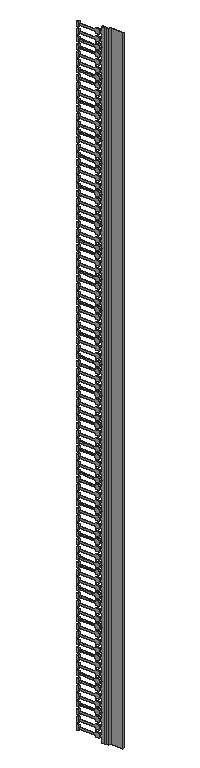
Revit family "ITK by ZPAS_Гребенка кабельная вертикальная_47U", category Обобщенные модели, Revit 2019
Family settings
  Может служить основой для арматурных стержней = Нет
  Размер круглого соединителя = Использовать диаметр
  Тип детали = Нормальный
  На основе рабочей плоскости = Нет
  Всегда вертикально = Да
  При загрузке вырезать с полостями = Нет
  Общий = Нет
  Точка расчета площади = Нет
Parameters (values of type "В2066,9_Черный")
  Ширина = 140 mm  # constant formula
  Степень защиты = ""
  Материал = Окраска - RAL 9005
  Изготовитель = "ITK"  # constant formula
  Дата изменения = ""
  Глубина = 12 mm  # constant formula
  Высота = 2066.9 mm  # constant formula
  Тип монтажа = "Установка на захваты"  # constant formula
  URL = "https://www.iek.ru/"
  KSI_CPr_Строительные изделия = "61.1.04.08"  # constant formula
  KSI_CMa_Строительные материалы = "10.03.02.06"  # constant formula
  IEK_Цена за единицу = 11181.4
  IEK_Поиск в таблице имен = ""
  IEK_Описание = "Крепится без инструментов к 19-дюймовым монтажным профилям."
  IEK_URL = "https://www.itk-group.ru/produktsiya/catalog/oborudovanie_telekommunikatsionnoe/kompleksnye_resheniya_dlya_tsod/shkafy_i_aksessuary_dlya_tsod/komplektuyushchie_i_aksessuary_dlya_shkafov_itk_by_zpas/kabelnye_organizatory_itk_by_zpas/itk_by_zpas_grebenka_kabelnaya_vertikalnaya_47u_chernaya"
  ADSK_Примечание = ""
  ADSK_Позиция [instance] = ""
  ADSK_Наименование = "by ZPAS "  # constant formula
  ADSK_Материал обозначение = ""
  ADSK_Материал наименование = "Листовая сталь"  # constant formula
  ADSK_Масса = 7
  ADSK_Марка = ""
  ADSK_Код изделия = "ZP-CM05-47U-V"
  ADSK_Завод-изготовитель = "IEK"  # constant formula
  ADSK_Единица измерения = "шт"  # constant formula
  ADSK_Группирование = "I. ЩИТЫ И ПУЛЬТЫ"  # constant formula
  ADSK_Версия семейства = "1.0"  # constant formula
  ADSK_Версия Revit = "2019"  # constant formula
  ADSK_URL страницы изделия = "https://www.itk-group.ru/produktsiya/catalog/oborudovanie_telekommunikatsionnoe/kompleksnye_resheniya_dlya_tsod/shkafy_i_aksessuary_dlya_tsod/komplektuyushchie_i_aksessuary_dlya_shkafov_itk_by_zpas/kabelnye_organizatory_itk_by_zpas/?pagec=50"
Types (2, lengths in mm): name | Материал | IEK_URL | ADSK_Код изделия
  В2066,9_Черный | Окраска - RAL 9005 | "https://www.itk-group.ru/produktsiya/catalog/oborudovanie_telekommunikatsionnoe/kompleksnye_resheniya_dlya_tsod/shkafy_i_aksessuary_dlya_tsod/komplektuyushchie_i_aksessuary_dlya_shkafov_itk_by_zpas/kabelnye_organizatory_itk_by_zpas/itk_by_zpas_grebenka_kabelnaya_vertikalnaya_47u_chernaya" | "ZP-CM05-47U-V"
  В2066,9_Серый | Окраска - RAL 7035 | "https://www.itk-group.ru/produktsiya/catalog/oborudovanie_telekommunikatsionnoe/kompleksnye_resheniya_dlya_tsod/shkafy_i_aksessuary_dlya_tsod/komplektuyushchie_i_aksessuary_dlya_shkafov_itk_by_zpas/kabelnye_organizatory_itk_by_zpas/itk_by_zpas_grebenka_kabelnaya_vertikalnaya_47u_seraya" | "ZP-CM35-47U-V"
Reference planes
  plane 1 "По центру (Вперед/Назад)": y = 0
  plane 2: z = 0
  plane 3 "По центру (Влево/Вправо)": x = 0
  plane 4: y = 6
  plane 5: y = -6
  plane 6: x = -70
  plane 7: x = 70
  plane 8: z = 2066.9
  plane 9: z = 10
  plane 10: x = 21.015
Forms (mm)
  Extrusion 1, solid, material "Окраска - RAL 9005" <- "Материал", detail levels fine
    sketch origin (0, 0, 0) x (1, 0, 0) y (0, 1, 0)
      loop
        line (70, 6) -> (30, 6) -> (30, -2.022) -> (10, -2.022) -> (10, -3.968) -> (32.03, -3.968) -> (32.03, 4) -> (70, 4) -> (70, 6)
    from 0 to 2066.9 <- "Высота"
  Extrusion 2, solid, material "Окраска - RAL 9005" <- "Материал", detail levels fine
    sketch origin (-390, 0, 0) x (1, 0, 0) y (0, 0, 1)
      loop
        line (376.463, 2051.9) -> (326.463, 2051.9) -> (326.463, 2056.9) -> (320, 2056.9) -> (320, 2041.9) -> (326.463, 2041.9) -> (326.463, 2046.9) -> (376.463, 2046.9) -> (380, 2041.9) -> (390, 2041.9) -> (393.537, 2046.9) -> (400, 2046.9) -> (400, 2029.571) -> (393.537, 2029.571) -> (390, 2034.571) -> (380, 2034.571) -> (376.463, 2029.571) -> (326.463, 2029.571) -> (326.463, 2034.571) -> (320, 2034.571) -> (320, 2019.571) -> (326.463, 2019.571) -> (326.463, 2024.571) -> (376.463, 2024.571) -> (380, 2019.571) -> (390, 2019.571) -> (393.537, 2024.571) -> (400, 2024.571) -> (400, 2007.243) -> (393.537, 2007.243) -> (390, 2012.243) -> (380, 2012.243) -> (376.463, 2007.243) -> (326.463, 2007.243) -> (326.463, 2012.243) -> (320, 2012.243) -> (320, 1997.243) -> (326.463, 1997.243) -> (326.463, 2002.243) -> (376.463, 2002.243) -> (380, 1997.243) -> (390, 1997.243) -> (393.537, 2002.243) -> (400, 2002.243) -> (400, 1984.914) -> (393.537, 1984.914) -> (390, 1989.914) -> (380, 1989.914) -> (376.463, 1984.914) -> (326.463, 1984.914) -> (326.463, 1989.914) -> (320, 1989.914) -> (320, 1974.914) -> (326.463, 1974.914) -> (326.463, 1979.914) -> (376.463, 1979.914) -> (380, 1974.914) -> (390, 1974.914) -> (393.537, 1979.914) -> (400, 1979.914) -> (400, 1962.586) -> (393.537, 1962.586) -> (390, 1967.586) -> (380, 1967.586) -> (376.463, 1962.586) -> (326.463, 1962.586) -> (326.463, 1967.586) -> (320, 1967.586) -> (320, 1952.586) -> (326.463, 1952.586) -> (326.463, 1957.586) -> (376.463, 1957.586) -> (380, 1952.586) -> (390, 1952.586) -> (393.537, 1957.586) -> (400, 1957.586) -> (400, 1940.257) -> (393.537, 1940.257) -> (390, 1945.257) -> (380, 1945.257) -> (376.463, 1940.257) -> (326.463, 1940.257) -> (326.463, 1945.257) -> (320, 1945.257) -> (320, 1930.257) -> (326.463, 1930.257) -> (326.463, 1935.257) -> (376.463, 1935.257) -> (380, 1930.257) -> (390, 1930.257) -> (393.537, 1935.257) -> (400, 1935.257) -> (400, 1917.929) -> (393.537, 1917.929) -> (390, 1922.929) -> (380, 1922.929) -> (376.463, 1917.929) -> (326.463, 1917.929) -> (326.463, 1922.929) -> (320, 1922.929) -> (320, 1907.929) -> (326.463, 1907.929) -> (326.463, 1912.929) -> (376.463, 1912.929) -> (380, 1907.929) -> (390, 1907.929) -> (393.537, 1912.929) -> (400, 1912.929) -> (400, 1895.6) -> (393.537, 1895.6) -> (390, 1900.6) -> (380, 1900.6) -> (376.463, 1895.6) -> (326.463, 1895.6) -> (326.463, 1900.6) -> (320, 1900.6) -> (320, 1885.6) -> (326.463, 1885.6) -> (326.463, 1890.6) -> (376.463, 1890.6) -> (380, 1885.6) -> (390, 1885.6) -> (393.537, 1890.6) -> (400, 1890.6) -> (400, 1873.271) -> (393.537, 1873.271) -> (390, 1878.271) -> (380, 1878.271) -> (376.463, 1873.271) -> (326.463, 1873.271) -> (326.463, 1878.271) -> (320, 1878.271) -> (320, 1863.271) -> (326.463, 1863.271) -> (326.463, 1868.271) -> (376.463, 1868.271) -> (380, 1863.271) -> (390, 1863.271) -> (393.537, 1868.271) -> (400, 1868.271) -> (400, 1850.943) -> (393.537, 1850.943) -> (390, 1855.943) -> (380, 1855.943) -> (376.463, 1850.943) -> (326.463, 1850.943) -> (326.463, 1855.943) -> (320, 1855.943) -> (320, 1840.943) -> (326.463, 1840.943) -> (326.463, 1845.943) -> (376.463, 1845.943) -> (380, 1840.943) -> (390, 1840.943) -> (393.537, 1845.943) -> (400, 1845.943) -> (400, 1828.614) -> (393.537, 1828.614) -> (390, 1833.614) -> (380, 1833.614) -> (376.463, 1828.614) -> (326.463, 1828.614) -> (326.463, 1833.614) -> (320, 1833.614) -> (320, 1818.614) -> (326.463, 1818.614) -> (326.463, 1823.614) -> (376.463, 1823.614) -> (380, 1818.614) -> (390, 1818.614) -> (393.537, 1823.614) -> (400, 1823.614) -> (400, 1806.286) -> (393.537, 1806.286) -> (390, 1811.286) -> (380, 1811.286) -> (376.463, 1806.286) -> (326.463, 1806.286) -> (326.463, 1811.286) -> (320, 1811.286) -> (320, 1796.286) -> (326.463, 1796.286) -> (326.463, 1801.286) -> (376.463, 1801.286) -> (380, 1796.286) -> (390, 1796.286) -> (393.537, 1801.286) -> (400, 1801.286) -> (400, 1783.957) -> (393.537, 1783.957) -> (390, 1788.957) -> (380, 1788.957) -> (376.463, 1783.957) -> (326.463, 1783.957) -> (326.463, 1788.957) -> (320, 1788.957) -> (320, 1773.957) -> (326.463, 1773.957) -> (326.463, 1778.957) -> (376.463, 1778.957) -> (380, 1773.957) -> (390, 1773.957) -> (393.537, 1778.957) -> (400, 1778.957) -> (400, 1761.629) -> (393.537, 1761.629) -> (390, 1766.629) -> (380, 1766.629) -> (376.463, 1761.629) -> (326.463, 1761.629) -> (326.463, 1766.629) -> (320, 1766.629) -> (320, 1751.629) -> (326.463, 1751.629) -> (326.463, 1756.629) -> (376.463, 1756.629) -> (380, 1751.629) -> (390, 1751.629) -> (393.537, 1756.629) -> (400, 1756.629) -> (400, 1739.3) -> (393.537, 1739.3) -> (390, 1744.3) -> (380, 1744.3) -> (376.463, 1739.3) -> (326.463, 1739.3) -> (326.463, 1744.3) -> (320, 1744.3) -> (320, 1729.3) -> (326.463, 1729.3) -> (326.463, 1734.3) -> (376.463, 1734.3) -> (380, 1729.3) -> (390, 1729.3) -> (393.537, 1734.3) -> (400, 1734.3) -> (400, 1716.971) -> (393.537, 1716.971) -> (390, 1721.971) -> (380, 1721.971) -> (376.463, 1716.971) -> (326.463, 1716.971) -> (326.463, 1721.971) -> (320, 1721.971) -> (320, 1706.971) -> (326.463, 1706.971) -> (326.463, 1711.971) -> (376.463, 1711.971) -> (380, 1706.971) -> (390, 1706.971) -> (393.537, 1711.971) -> (400, 1711.971) -> (400, 1694.643) -> (393.537, 1694.643) -> (390, 1699.643) -> (380, 1699.643) -> (376.463, 1694.643) -> (326.463, 1694.643) -> (326.463, 1699.643) -> (320, 1699.643) -> (320, 1684.643) -> (326.463, 1684.643) -> (326.463, 1689.643) -> (376.463, 1689.643) -> (380, 1684.643) -> (390, 1684.643) -> (393.537, 1689.643) -> (400, 1689.643) -> (400, 1672.314) -> (393.537, 1672.314) -> (390, 1677.314) -> (380, 1677.314) -> (376.463, 1672.314) -> (326.463, 1672.314) -> (326.463, 1677.314) -> (320, 1677.314) -> (320, 1662.314) -> (326.463, 1662.314) -> (326.463, 1667.314) -> (376.463, 1667.314) -> (380, 1662.314) -> (390, 1662.314) -> (393.537, 1667.314) -> (400, 1667.314) -> (400, 1649.986) -> (393.537, 1649.986) -> (390, 1654.986) -> (380, 1654.986) -> (376.463, 1649.986) -> (326.463, 1649.986) -> (326.463, 1654.986) -> (320, 1654.986) -> (320, 1639.986) -> (326.463, 1639.986) -> (326.463, 1644.986) -> (376.463, 1644.986) -> (380, 1639.986) -> (390, 1639.986) -> (393.537, 1644.986) -> (400, 1644.986) -> (400, 1627.657) -> (393.537, 1627.657) -> (390, 1632.657) -> (380, 1632.657) -> (376.463, 1627.657) -> (326.463, 1627.657) -> (326.463, 1632.657) -> (320, 1632.657) -> (320, 1617.657) -> (326.463, 1617.657) -> (326.463, 1622.657) -> (376.463, 1622.657) -> (380, 1617.657) -> (390, 1617.657) -> (393.537, 1622.657) -> (400, 1622.657) -> (400, 1605.329) -> (393.537, 1605.329) -> (390, 1610.329) -> (380, 1610.329) -> (376.463, 1605.329) -> (326.463, 1605.329) -> (326.463, 1610.329) -> (320, 1610.329) -> (320, 1595.329) -> (326.463, 1595.329) -> (326.463, 1600.329) -> (376.463, 1600.329) -> (380, 1595.329) -> (390, 1595.329) -> (393.537, 1600.329) -> (400, 1600.329) -> (400, 1583) -> (393.537, 1583) -> (390, 1588) -> (380, 1588) -> (376.463, 1583) -> (326.463, 1583) -> (326.463, 1588) -> (320, 1588) -> (320, 1573) -> (326.463, 1573) -> (326.463, 1578) -> (376.463, 1578) -> (380, 1573) -> (390, 1573) -> (393.537, 1578) -> (400, 1578) -> (400, 1560.671) -> (393.537, 1560.671) -> (390, 1565.671) -> (380, 1565.671) -> (376.463, 1560.671) -> (326.463, 1560.671) -> (326.463, 1565.671) -> (320, 1565.671) -> (320, 1550.671) -> (326.463, 1550.671) -> (326.463, 1555.671) -> (376.463, 1555.671) -> (380, 1550.671) -> (390, 1550.671) -> (393.537, 1555.671) -> (400, 1555.671) -> (400, 1538.343) -> (393.537, 1538.343) -> (390, 1543.343) -> (380, 1543.343) -> (376.463, 1538.343) -> (326.463, 1538.343) -> (326.463, 1543.343) -> (320, 1543.343) -> (320, 1528.343) -> (326.463, 1528.343) -> (326.463, 1533.343) -> (376.463, 1533.343) -> (380, 1528.343) -> (390, 1528.343) -> (393.537, 1533.343) -> (400, 1533.343) -> (400, 1516.014) -> (393.537, 1516.014) -> (390, 1521.014) -> (380, 1521.014) -> (376.463, 1516.014) -> (326.463, 1516.014) -> (326.463, 1521.014) -> (320, 1521.014) -> (320, 1506.014) -> (326.463, 1506.014) -> (326.463, 1511.014) -> (376.463, 1511.014) -> (380, 1506.014) -> (390, 1506.014) -> (393.537, 1511.014) -> (400, 1511.014) -> (400, 1493.686) -> (393.537, 1493.686) -> (390, 1498.686) -> (380, 1498.686) -> (376.463, 1493.686) -> (326.463, 1493.686) -> (326.463, 1498.686) -> (320, 1498.686) -> (320, 1483.686) -> (326.463, 1483.686) -> (326.463, 1488.686) -> (376.463, 1488.686) -> (380, 1483.686) -> (390, 1483.686) -> (393.537, 1488.686) -> (400, 1488.686) -> (400, 1471.357) -> (393.537, 1471.357) -> (390, 1476.357) -> (380, 1476.357) -> (376.463, 1471.357) -> (326.463, 1471.357) -> (326.463, 1476.357) -> (320, 1476.357) -> (320, 1461.357) -> (326.463, 1461.357) -> (326.463, 1466.357) -> (376.463, 1466.357) -> (380, 1461.357) -> (390, 1461.357) -> (393.537, 1466.357) -> (400, 1466.357) -> (400, 1449.029) -> (393.537, 1449.029) -> (390, 1454.029) -> (380, 1454.029) -> (376.463, 1449.029) -> (326.463, 1449.029) -> (326.463, 1454.029) -> (320, 1454.029) -> (320, 1439.029) -> (326.463, 1439.029) -> (326.463, 1444.029) -> (376.463, 1444.029) -> (380, 1439.029) -> (390, 1439.029) -> (393.537, 1444.029) -> (400, 1444.029) -> (400, 1426.7) -> (393.537, 1426.7) -> (390, 1431.7) -> (380, 1431.7) -> (376.463, 1426.7) -> (326.463, 1426.7) -> (326.463, 1431.7) -> (320, 1431.7) -> (320, 1416.7) -> (326.463, 1416.7) -> (326.463, 1421.7) -> (376.463, 1421.7) -> (380, 1416.7) -> (390, 1416.7) -> (393.537, 1421.7) -> (400, 1421.7) -> (400, 1404.371) -> (393.537, 1404.371) -> (390, 1409.371) -> (380, 1409.371) -> (376.463, 1404.371) -> (326.463, 1404.371) -> (326.463, 1409.371) -> (320, 1409.371) -> (320, 1394.371) -> (326.463, 1394.371) -> (326.463, 1399.371) -> (376.463, 1399.371) -> (380, 1394.371) -> (390, 1394.371) -> (393.537, 1399.371) -> (400, 1399.371) -> (400, 1382.043) -> (393.537, 1382.043) -> (390, 1387.043) -> (380, 1387.043) -> (376.463, 1382.043) -> (326.463, 1382.043) -> (326.463, 1387.043) -> (320, 1387.043) -> (320, 1372.043) -> (326.463, 1372.043) -> (326.463, 1377.043) -> (376.463, 1377.043) -> (380, 1372.043) -> (390, 1372.043) -> (393.537, 1377.043) -> (400, 1377.043) -> (400, 1359.714) -> (393.537, 1359.714) -> (390, 1364.714) -> (380, 1364.714) -> (376.463, 1359.714) -> (326.463, 1359.714) -> (326.463, 1364.714) -> (320, 1364.714) -> (320, 1349.714) -> (326.463, 1349.714) -> (326.463, 1354.714) -> (376.463, 1354.714) -> (380, 1349.714) -> (390, 1349.714) -> (393.537, 1354.714) -> (400, 1354.714) -> (400, 1337.386) -> (393.537, 1337.386) -> (390, 1342.386) -> (380, 1342.386) -> (376.463, 1337.386) -> (326.463, 1337.386) -> (326.463, 1342.386) -> (320, 1342.386) -> (320, 1327.386) -> (326.463, 1327.386) -> (326.463, 1332.386) -> (376.463, 1332.386) -> (380, 1327.386) -> (390, 1327.386) -> (393.537, 1332.386) -> (400, 1332.386) -> (400, 1315.057) -> (393.537, 1315.057) -> (390, 1320.057) -> (380, 1320.057) -> (376.463, 1315.057) -> (326.463, 1315.057) -> (326.463, 1320.057) -> (320, 1320.057) -> (320, 1305.057) -> (326.463, 1305.057) -> (326.463, 1310.057) -> (376.463, 1310.057) -> (380, 1305.057) -> (390, 1305.057) -> (393.537, 1310.057) -> (400, 1310.057) -> (400, 1292.729) -> (393.537, 1292.729) -> (390, 1297.729) -> (380, 1297.729) -> (376.463, 1292.729) -> (326.463, 1292.729) -> (326.463, 1297.729) -> (320, 1297.729) -> (320, 1282.729) -> (326.463, 1282.729) -> (326.463, 1287.729) -> (376.463, 1287.729) -> (380, 1282.729) -> (390, 1282.729) -> (393.537, 1287.729) -> (400, 1287.729) -> (400, 1270.4) -> (393.537, 1270.4) -> (390, 1275.4) -> (380, 1275.4) -> (376.463, 1270.4) -> (326.463, 1270.4) -> (326.463, 1275.4) -> (320, 1275.4) -> (320, 1260.4) -> (326.463, 1260.4) -> (326.463, 1265.4) -> (376.463, 1265.4) -> (380, 1260.4) -> (390, 1260.4) -> (393.537, 1265.4) -> (400, 1265.4) -> (400, 1248.071) -> (393.537, 1248.071) -> (390, 1253.071) -> (380, 1253.071) -> (376.463, 1248.071) -> (326.463, 1248.071) -> (326.463, 1253.071) -> (320, 1253.071) -> (320, 1238.071) -> (326.463, 1238.071) -> (326.463, 1243.071) -> (376.463, 1243.071) -> (380, 1238.071) -> (390, 1238.071) -> (393.537, 1243.071) -> (400, 1243.071) -> (400, 1225.743) -> (393.537, 1225.743) -> (390, 1230.743) -> (380, 1230.743) -> (376.463, 1225.743) -> (326.463, 1225.743) -> (326.463, 1230.743) -> (320, 1230.743) -> (320, 1215.743) -> (326.463, 1215.743) -> (326.463, 1220.743) -> (376.463, 1220.743) -> (380, 1215.743) -> (390, 1215.743) -> (393.537, 1220.743) -> (400, 1220.743) -> (400, 1203.414) -> (393.537, 1203.414) -> (390, 1208.414) -> (380, 1208.414) -> (376.463, 1203.414) -> (326.463, 1203.414) -> (326.463, 1208.414) -> (320, 1208.414) -> (320, 1193.414) -> (326.463, 1193.414) -> (326.463, 1198.414) -> (376.463, 1198.414) -> (380, 1193.414) -> (390, 1193.414) -> (393.537, 1198.414) -> (400, 1198.414) -> (400, 1181.086) -> (393.537, 1181.086) -> (390, 1186.086) -> (380, 1186.086) -> (376.463, 1181.086) -> (326.463, 1181.086) -> (326.463, 1186.086) -> (320, 1186.086) -> (320, 1171.086) -> (326.463, 1171.086) -> (326.463, 1176.086) -> (376.463, 1176.086) -> (380, 1171.086) -> (390, 1171.086) -> (393.537, 1176.086) -> (400, 1176.086) -> (400, 1158.757) -> (393.537, 1158.757) -> (390, 1163.757) -> (380, 1163.757) -> (376.463, 1158.757) -> (326.463, 1158.757) -> (326.463, 1163.757) -> (320, 1163.757) -> (320, 1148.757) -> (326.463, 1148.757) -> (326.463, 1153.757) -> (376.463, 1153.757) -> (380, 1148.757) -> (390, 1148.757) -> (393.537, 1153.757) -> (400, 1153.757) -> (400, 1136.429) -> (393.537, 1136.429) -> (390, 1141.429) -> (380, 1141.429) -> (376.463, 1136.429) -> (326.463, 1136.429) -> (326.463, 1141.429) -> (320, 1141.429) -> (320, 1126.429) -> (326.463, 1126.429) -> (326.463, 1131.429) -> (376.463, 1131.429) -> (380, 1126.429) -> (390, 1126.429) -> (393.537, 1131.429) -> (400, 1131.429) -> (400, 1114.1) -> (393.537, 1114.1) -> (390, 1119.1) -> (380, 1119.1) -> (376.463, 1114.1) -> (326.463, 1114.1) -> (326.463, 1119.1) -> (320, 1119.1) -> (320, 1104.1) -> (326.463, 1104.1) -> (326.463, 1109.1) -> (376.463, 1109.1) -> (380, 1104.1) -> (390, 1104.1) -> (393.537, 1109.1) -> (400, 1109.1) -> (400, 1091.771) -> (393.537, 1091.771) -> (390, 1096.771) -> (380, 1096.771) -> (376.463, 1091.771) -> (326.463, 1091.771) -> (326.463, 1096.771) -> (320, 1096.771) -> (320, 1081.771) -> (326.463, 1081.771) -> (326.463, 1086.771) -> (376.463, 1086.771) -> (380, 1081.771) -> (390, 1081.771) -> (393.537, 1086.771) -> (400, 1086.771) -> (400, 1069.443) -> (393.537, 1069.443) -> (390, 1074.443) -> (380, 1074.443) -> (376.463, 1069.443) -> (326.463, 1069.443) -> (326.463, 1074.443) -> (320, 1074.443) -> (320, 1059.443) -> (326.463, 1059.443) -> (326.463, 1064.443) -> (376.463, 1064.443) -> (380, 1059.443) -> (390, 1059.443) -> (393.537, 1064.443) -> (400, 1064.443) -> (400, 1047.114) -> (393.537, 1047.114) -> (390, 1052.114) -> (380, 1052.114) -> (376.463, 1047.114) -> (326.463, 1047.114) -> (326.463, 1052.114) -> (320, 1052.114) -> (320, 1037.114) -> (326.463, 1037.114) -> (326.463, 1042.114) -> (376.463, 1042.114) -> (380, 1037.114) -> (390, 1037.114) -> (393.537, 1042.114) -> (400, 1042.114) -> (400, 1024.786) -> (393.537, 1024.786) -> (390, 1029.786) -> (380, 1029.786) -> (376.463, 1024.786) -> (326.463, 1024.786) -> (326.463, 1029.786) -> (320, 1029.786) -> (320, 1014.786) -> (326.463, 1014.786) -> (326.463, 1019.786) -> (376.463, 1019.786) -> (380, 1014.786) -> (390, 1014.786) -> (393.537, 1019.786) -> (400, 1019.786) -> (400, 1002.457) -> (393.537, 1002.457) -> (390, 1007.457) -> (380, 1007.457) -> (376.463, 1002.457) -> (326.463, 1002.457) -> (326.463, 1007.457) -> (320, 1007.457) -> (320, 992.457) -> (326.463, 992.457) -> (326.463, 997.457) -> (376.463, 997.457) -> (380, 992.457) -> (390, 992.457) -> (393.537, 997.457) -> (400, 997.457) -> (400, 980.129) -> (393.537, 980.129) -> (390, 985.129) -> (380, 985.129) -> (376.463, 980.129) -> (326.463, 980.129) -> (326.463, 985.129) -> (320, 985.129) -> (320, 970.129) -> (326.463, 970.129) -> (326.463, 975.129) -> (376.463, 975.129) -> (380, 970.129) -> (390, 970.129) -> (393.537, 975.129) -> (400, 975.129) -> (400, 957.8) -> (393.537, 957.8) -> (390, 962.8) -> (380, 962.8) -> (376.463, 957.8) -> (326.463, 957.8) -> (326.463, 962.8) -> (320, 962.8) -> (320, 947.8) -> (326.463, 947.8) -> (326.463, 952.8) -> (376.463, 952.8) -> (380, 947.8) -> (390, 947.8) -> (393.537, 952.8) -> (400, 952.8) -> (400, 935.471) -> (393.537, 935.471) -> (390, 940.471) -> (380, 940.471) -> (376.463, 935.471) -> (326.463, 935.471) -> (326.463, 940.471) -> (320, 940.471) -> (320, 925.471) -> (326.463, 925.471) -> (326.463, 930.471) -> (376.463, 930.471) -> (380, 925.471) -> (390, 925.471) -> (393.537, 930.471) -> (400, 930.471) -> (400, 913.143) -> (393.537, 913.143) -> (390, 918.143) -> (380, 918.143) -> (376.463, 913.143) -> (326.463, 913.143) -> (326.463, 918.143) -> (320, 918.143) -> (320, 903.143) -> (326.463, 903.143) -> (326.463, 908.143) -> (376.463, 908.143) -> (380, 903.143) -> (390, 903.143) -> (393.537, 908.143) -> (400, 908.143) -> (400, 890.814) -> (393.537, 890.814) -> (390, 895.814) -> (380, 895.814) -> (376.463, 890.814) -> (326.463, 890.814) -> (326.463, 895.814) -> (320, 895.814) -> (320, 880.814) -> (326.463, 880.814) -> (326.463, 885.814) -> (376.463, 885.814) -> (380, 880.814) -> (390, 880.814) -> (393.537, 885.814) -> (400, 885.814) -> (400, 868.486) -> (393.537, 868.486) -> (390, 873.486) -> (380, 873.486) -> (376.463, 868.486) -> (326.463, 868.486) -> (326.463, 873.486) -> (320, 873.486) -> (320, 858.486) -> (326.463, 858.486) -> (326.463, 863.486) -> (376.463, 863.486) -> (380, 858.486) -> (390, 858.486) -> (393.537, 863.486) -> (400, 863.486) -> (400, 846.157) -> (393.537, 846.157) -> (390, 851.157) -> (380, 851.157) -> (376.463, 846.157) -> (326.463, 846.157) -> (326.463, 851.157) -> (320, 851.157) -> (320, 836.157) -> (326.463, 836.157) -> (326.463, 841.157) -> (376.463, 841.157) -> (380, 836.157) -> (390, 836.157) -> (393.537, 841.157) -> (400, 841.157) -> (400, 823.829) -> (393.537, 823.829) -> (390, 828.829) -> (380, 828.829) -> (376.463, 823.829) -> (326.463, 823.829) -> (326.463, 828.829) -> (320, 828.829) -> (320, 813.829) -> (326.463, 813.829) -> (326.463, 818.829) -> (376.463, 818.829) -> (380, 813.829) -> (390, 813.829) -> (393.537, 818.829) -> (400, 818.829) -> (400, 801.5) -> (393.537, 801.5) -> (390, 806.5) -> (380, 806.5) -> (376.463, 801.5) -> (326.463, 801.5) -> (326.463, 806.5) -> (320, 806.5) -> (320, 791.5) -> (326.463, 791.5) -> (326.463, 796.5) -> (376.463, 796.5) -> (380, 791.5) -> (390, 791.5) -> (393.537, 796.5) -> (400, 796.5) -> (400, 779.171) -> (393.537, 779.171) -> (390, 784.171) -> (380, 784.171) -> (376.463, 779.171) -> (326.463, 779.171) -> (326.463, 784.171) -> (320, 784.171) -> (320, 769.171) -> (326.463, 769.171) -> (326.463, 774.171) -> (376.463, 774.171) -> (380, 769.171) -> (390, 769.171) -> (393.537, 774.171) -> (400, 774.171) -> (400, 756.843) -> (393.537, 756.843) -> (390, 761.843) -> (380, 761.843) -> (376.463, 756.843) -> (326.463, 756.843) -> (326.463, 761.843) -> (320, 761.843) -> (320, 746.843) -> (326.463, 746.843) -> (326.463, 751.843) -> (376.463, 751.843) -> (380, 746.843) -> (390, 746.843) -> (393.537, 751.843) -> (400, 751.843) -> (400, 734.514) -> (393.537, 734.514) -> (390, 739.514) -> (380, 739.514) -> (376.463, 734.514) -> (326.463, 734.514) -> (326.463, 739.514) -> (320, 739.514) -> (320, 724.514) -> (326.463, 724.514) -> (326.463, 729.514) -> (376.463, 729.514) -> (380, 724.514) -> (390, 724.514) -> (393.537, 729.514) -> (400, 729.514) -> (400, 712.186) -> (393.537, 712.186) -> (390, 717.186) -> (380, 717.186) -> (376.463, 712.186) -> (326.463, 712.186) -> (326.463, 717.186) -> (320, 717.186) -> (320, 702.186) -> (326.463, 702.186) -> (326.463, 707.186) -> (376.463, 707.186) -> (380, 702.186) -> (390, 702.186) -> (393.537, 707.186) -> (400, 707.186) -> (400, 689.857) -> (393.537, 689.857) -> (390, 694.857) -> (380, 694.857) -> (376.463, 689.857) -> (326.463, 689.857) -> (326.463, 694.857) -> (320, 694.857) -> (320, 679.857) -> (326.463, 679.857) -> (326.463, 684.857) -> (376.463, 684.857) -> (380, 679.857) -> (390, 679.857) -> (393.537, 684.857) -> (400, 684.857) -> (400, 667.529) -> (393.537, 667.529) -> (390, 672.529) -> (380, 672.529) -> (376.463, 667.529) -> (326.463, 667.529) -> (326.463, 672.529) -> (320, 672.529) -> (320, 657.529) -> (326.463, 657.529) -> (326.463, 662.529) -> (376.463, 662.529) -> (380, 657.529) -> (390, 657.529) -> (393.537, 662.529) -> (400, 662.529) -> (400, 645.2) -> (393.537, 645.2) -> (390, 650.2) -> (380, 650.2) -> (376.463, 645.2) -> (326.463, 645.2) -> (326.463, 650.2) -> (320, 650.2) -> (320, 635.2) -> (326.463, 635.2) -> (326.463, 640.2) -> (376.463, 640.2) -> (380, 635.2) -> (390, 635.2) -> (393.537, 640.2) -> (400, 640.2) -> (400, 622.871) -> (393.537, 622.871) -> (390, 627.871) -> (380, 627.871) -> (376.463, 622.871) -> (326.463, 622.871) -> (326.463, 627.871) -> (320, 627.871) -> (320, 612.871) -> (326.463, 612.871) -> (326.463, 617.871) -> (376.463, 617.871) -> (380, 612.871) -> (390, 612.871) -> (393.537, 617.871) -> (400, 617.871) -> (400, 600.543) -> (393.537, 600.543) -> (390, 605.543) -> (380, 605.543) -> (376.463, 600.543) -> (326.463, 600.543) -> (326.463, 605.543) -> (320, 605.543) -> (320, 590.543) -> (326.463, 590.543) -> (326.463, 595.543) -> (376.463, 595.543) -> (380, 590.543) -> (390, 590.543) -> (393.537, 595.543) -> (400, 595.543) -> (400, 578.214) -> (393.537, 578.214) -> (390, 583.214) -> (380, 583.214) -> (376.463, 578.214) -> (326.463, 578.214) -> (326.463, 583.214) -> (320, 583.214) -> (320, 568.214) -> (326.463, 568.214) -> (326.463, 573.214) -> (376.463, 573.214) -> (380, 568.214) -> (390, 568.214) -> (393.537, 573.214) -> (400, 573.214) -> (400, 555.886) -> (393.537, 555.886) -> (390, 560.886) -> (380, 560.886) -> (376.463, 555.886) -> (326.463, 555.886) -> (326.463, 560.886) -> (320, 560.886) -> (320, 545.886) -> (326.463, 545.886) -> (326.463, 550.886) -> (376.463, 550.886) -> (380, 545.886) -> (390, 545.886) -> (393.537, 550.886) -> (400, 550.886) -> (400, 533.557) -> (393.537, 533.557) -> (390, 538.557) -> (380, 538.557) -> (376.463, 533.557) -> (326.463, 533.557) -> (326.463, 538.557) -> (320, 538.557) -> (320, 523.557) -> (326.463, 523.557) -> (326.463, 528.557) -> (376.463, 528.557) -> (380, 523.557) -> (390, 523.557) -> (393.537, 528.557) -> (400, 528.557) -> (400, 511.229) -> (393.537, 511.229) -> (390, 516.229) -> (380, 516.229) -> (376.463, 511.229) -> (326.463, 511.229) -> (326.463, 516.229) -> (320, 516.229) -> (320, 501.229) -> (326.463, 501.229) -> (326.463, 506.229) -> (376.463, 506.229) -> (380, 501.229) -> (390, 501.229) -> (393.537, 506.229) -> (400, 506.229) -> (400, 488.9) -> (393.537, 488.9) -> (390, 493.9) -> (380, 493.9) -> (376.463, 488.9) -> (326.463, 488.9) -> (326.463, 493.9) -> (320, 493.9) -> (320, 478.9) -> (326.463, 478.9) -> (326.463, 483.9) -> (376.463, 483.9) -> (380, 478.9) -> (390, 478.9) -> (393.537, 483.9) -> (400, 483.9) -> (400, 466.571) -> (393.537, 466.571) -> (390, 471.571) -> (380, 471.571) -> (376.463, 466.571) -> (326.463, 466.571) -> (326.463, 471.571) -> (320, 471.571) -> (320, 456.571) -> (326.463, 456.571) -> (326.463, 461.571) -> (376.463, 461.571) -> (380, 456.571) -> (390, 456.571) -> (393.537, 461.571) -> (400, 461.571) -> (400, 444.243) -> (393.537, 444.243) -> (390, 449.243) -> (380, 449.243) -> (376.463, 444.243) -> (326.463, 444.243) -> (326.463, 449.243) -> (320, 449.243) -> (320, 434.243) -> (326.463, 434.243) -> (326.463, 439.243) -> (376.463, 439.243) -> (380, 434.243) -> (390, 434.243) -> (393.537, 439.243) -> (400, 439.243) -> (400, 421.914) -> (393.537, 421.914) -> (390, 426.914) -> (380, 426.914) -> (376.463, 421.914) -> (326.463, 421.914) -> (326.463, 426.914) -> (320, 426.914) -> (320, 411.914) -> (326.463, 411.914) -> (326.463, 416.914) -> (376.463, 416.914) -> (380, 411.914) -> (390, 411.914) -> (393.537, 416.914) -> (400, 416.914) -> (400, 399.586) -> (393.537, 399.586) -> (390, 404.586) -> (380, 404.586) -> (376.463, 399.586) -> (326.463, 399.586) -> (326.463, 404.586) -> (320, 404.586) -> (320, 389.586) -> (326.463, 389.586) -> (326.463, 394.586) -> (376.463, 394.586) -> (380, 389.586) -> (390, 389.586) -> (393.537, 394.586) -> (400, 394.586) -> (400, 377.257) -> (393.537, 377.257) -> (390, 382.257) -> (380, 382.257) -> (376.463, 377.257) -> (326.463, 377.257) -> (326.463, 382.257) -> (320, 382.257) -> (320, 367.257) -> (326.463, 367.257) -> (326.463, 372.257) -> (376.463, 372.257) -> (380, 367.257) -> (390, 367.257) -> (393.537, 372.257) -> (400, 372.257) -> (400, 354.929) -> (393.537, 354.929) -> (390, 359.929) -> (380, 359.929) -> (376.463, 354.929) -> (326.463, 354.929) -> (326.463, 359.929) -> (320, 359.929) -> (320, 344.929) -> (326.463, 344.929) -> (326.463, 349.929) -> (376.463, 349.929) -> (380, 344.929) -> (390, 344.929) -> (393.537, 349.929) -> (400, 349.929) -> (400, 332.6) -> (393.537, 332.6) -> (390, 337.6) -> (380, 337.6) -> (376.463, 332.6) -> (326.463, 332.6) -> (326.463, 337.6) -> (320, 337.6) -> (320, 322.6) -> (326.463, 322.6) -> (326.463, 327.6) -> (376.463, 327.6) -> (380, 322.6) -> (390, 322.6) -> (393.537, 327.6) -> (400, 327.6) -> (400, 310.271) -> (393.537, 310.271) -> (390, 315.271) -> (380, 315.271) -> (376.463, 310.271) -> (326.463, 310.271) -> (326.463, 315.271) -> (320, 315.271) -> (320, 300.271) -> (326.463, 300.271) -> (326.463, 305.271) -> (376.463, 305.271) -> (380, 300.271) -> (390, 300.271) -> (393.537, 305.271) -> (400, 305.271) -> (400, 287.943) -> (393.537, 287.943) -> (390, 292.943) -> (380, 292.943) -> (376.463, 287.943) -> (326.463, 287.943) -> (326.463, 292.943) -> (320, 292.943) -> (320, 277.943) -> (326.463, 277.943) -> (326.463, 282.943) -> (376.463, 282.943) -> (380, 277.943) -> (390, 277.943) -> (393.537, 282.943) -> (400, 282.943) -> (400, 265.614) -> (393.537, 265.614) -> (390, 270.614) -> (380, 270.614) -> (376.463, 265.614) -> (326.463, 265.614) -> (326.463, 270.614) -> (320, 270.614) -> (320, 255.614) -> (326.463, 255.614) -> (326.463, 260.614) -> (376.463, 260.614) -> (380, 255.614) -> (390, 255.614) -> (393.537, 260.614) -> (400, 260.614) -> (400, 243.286) -> (393.537, 243.286) -> (390, 248.286) -> (380, 248.286) -> (376.463, 243.286) -> (326.463, 243.286) -> (326.463, 248.286) -> (320, 248.286) -> (320, 233.286) -> (326.463, 233.286) -> (326.463, 238.286) -> (376.463, 238.286) -> (380, 233.286) -> (390, 233.286) -> (393.537, 238.286) -> (400, 238.286) -> (400, 220.957) -> (393.537, 220.957) -> (390, 225.957) -> (380, 225.957) -> (376.463, 220.957) -> (326.463, 220.957) -> (326.463, 225.957) -> (320, 225.957) -> (320, 210.957) -> (326.463, 210.957) -> (326.463, 215.957) -> (376.463, 215.957) -> (380, 210.957) -> (390, 210.957) -> (393.537, 215.957) -> (400, 215.957) -> (400, 198.629) -> (393.537, 198.629) -> (390, 203.629) -> (380, 203.629) -> (376.463, 198.629) -> (326.463, 198.629) -> (326.463, 203.629) -> (320, 203.629) -> (320, 188.629) -> (326.463, 188.629) -> (326.463, 193.629) -> (376.463, 193.629) -> (380, 188.629) -> (390, 188.629) -> (393.537, 193.629) -> (400, 193.629) -> (400, 176.3) -> (393.537, 176.3) -> (390, 181.3) -> (380, 181.3) -> (376.463, 176.3) -> (326.463, 176.3) -> (326.463, 181.3) -> (320, 181.3) -> (320, 166.3) -> (326.463, 166.3) -> (326.463, 171.3) -> (376.463, 171.3) -> (380, 166.3) -> (390, 166.3) -> (393.537, 171.3) -> (400, 171.3) -> (400, 153.971) -> (393.537, 153.971) -> (390, 158.971) -> (380, 158.971) -> (376.463, 153.971) -> (326.463, 153.971) -> (326.463, 158.971) -> (320, 158.971) -> (320, 143.971) -> (326.463, 143.971) -> (326.463, 148.971) -> (376.463, 148.971) -> (380, 143.971) -> (390, 143.971) -> (393.537, 148.971) -> (400, 148.971) -> (400, 131.643) -> (393.537, 131.643) -> (390, 136.643) -> (380, 136.643) -> (376.463, 131.643) -> (326.463, 131.643) -> (326.463, 136.643) -> (320, 136.643) -> (320, 121.643) -> (326.463, 121.643) -> (326.463, 126.643) -> (376.463, 126.643) -> (380, 121.643) -> (390, 121.643) -> (393.537, 126.643) -> (400, 126.643) -> (400, 109.314) -> (393.537, 109.314) -> (390, 114.314) -> (380, 114.314) -> (376.463, 109.314) -> (326.463, 109.314) -> (326.463, 114.314) -> (320, 114.314) -> (320, 99.314) -> (326.463, 99.314) -> (326.463, 104.314) -> (376.463, 104.314) -> (380, 99.314) -> (390, 99.314) -> (393.537, 104.314) -> (400, 104.314) -> (400, 86.986) -> (393.537, 86.986) -> (390, 91.986) -> (380, 91.986) -> (376.463, 86.986) -> (326.463, 86.986) -> (326.463, 91.986) -> (320, 91.986) -> (320, 76.986) -> (326.463, 76.986) -> (326.463, 81.986) -> (376.463, 81.986) -> (380, 76.986) -> (390, 76.986) -> (393.537, 81.986) -> (400, 81.986) -> (400, 64.657) -> (393.537, 64.657) -> (390, 69.657) -> (380, 69.657) -> (376.463, 64.657) -> (326.463, 64.657) -> (326.463, 69.657) -> (320, 69.657) -> (320, 54.657) -> (326.463, 54.657) -> (326.463, 59.657) -> (376.463, 59.657) -> (380, 54.657) -> (390, 54.657) -> (393.537, 59.657) -> (400, 59.657) -> (400, 42.329) -> (393.537, 42.329) -> (390, 47.329) -> (380, 47.329) -> (376.463, 42.329) -> (326.463, 42.329) -> (326.463, 47.329) -> (320, 47.329) -> (320, 32.329) -> (326.463, 32.329) -> (326.463, 37.329) -> (376.463, 37.329) -> (380, 32.329) -> (390, 32.329) -> (393.537, 37.329) -> (400, 37.329) -> (400, 20) -> (393.537, 20) -> (390, 25) -> (380, 25) -> (376.463, 20) -> (326.463, 20) -> (326.463, 25) -> (320, 25) -> (320, 10) -> (326.463, 10) -> (326.463, 15) -> (376.463, 15) -> (380, 10) -> (390, 10) -> (393.537, 15) -> (400, 15) -> (400, 0) -> (410, 0) -> (410, 2066.9) -> (400, 2066.9) -> (400, 2051.9) -> (393.537, 2051.9) -> (390, 2056.9) -> (380, 2056.9) -> (376.463, 2051.9)
    from 3.968 to 6
  Extrusion 3, solid, material "Условный материал-отделка", detail levels coarse+medium
    sketch origin (0, 0, 0) x (1, 0, 0) y (0, 1, 0)
      loop
        line (-70, 6) -> (-70, -6) -> (70, -6) -> (70, 6) -> (-70, 6)
    from 0 to 2066.9 <- "Высота"
Dimensions and locks
  equal spacing: plane 6, plane 3 "По центру (Влево/Вправо)", plane 7
  "Ширина": plane 6 to plane 7
  equal spacing: plane 4, plane 1 "По центру (Вперед/Назад)", plane 5
  "Глубина": plane 4 to plane 5
  "Высота": plane 8 to level
  aligned and locked: level to plane 2
  aligned and locked: plane 8 to Extrusion 1
  aligned and locked: Extrusion 2 to Extrusion 1
  aligned and locked: Extrusion 2 to plane 5
  aligned and locked: Extrusion 3 sketch curve to plane 4
  aligned and locked: plane 6 to Extrusion 3 sketch curve
  aligned and locked: plane 5 to Extrusion 3 sketch curve
  aligned and locked: Extrusion 3 sketch curve to plane 7
Automatic sketch dimensions
  Extrusion 1 sketch curve to plane 4 = 0 mm
  Extrusion 1 sketch curve to plane 7 = 0 mm
  Extrusion 1 sketch curve to plane 4 = 2 mm
  plane 10 to Extrusion 1 sketch curve = 11.015 mm
  Extrusion 1 sketch curve to Extrusion 1 sketch curve = 2.03 mm
  plane 1 "По центру (Вперед/Назад)" to Extrusion 1 sketch curve = 2.022 mm
  plane 3 "По центру (Влево/Вправо)" to Extrusion 1 sketch curve = 10 mm
  Extrusion 1 sketch curve to Extrusion 1 sketch curve = 1.946 mm
  Extrusion 2 sketch curve to plane 9 = 0 mm  (x2)
  Extrusion 2 sketch curve to level = 0 mm
  Extrusion 2 sketch curve to plane 8 = 0 mm
  Extrusion 2 sketch curve to plane 7 = 140 mm  (x4)
  Extrusion 2 sketch curve to plane 8 = 10 mm  (x2)
  Extrusion 2 sketch curve to Extrusion 2 sketch curve = 0 mm  (x538)
  Extrusion 2 sketch curve to Extrusion 2 sketch curve = 6.463 mm  (x191)
  Extrusion 2 sketch curve to Extrusion 2 sketch curve = 50 mm  (x2)
  plane 9 to Extrusion 2 sketch curve = 143.971 mm  (x2)
  plane 9 to Extrusion 2 sketch curve = 121.643 mm  (x2)
  Extrusion 2 sketch curve to plane 8 = 131.643 mm  (x2)
  plane 9 to Extrusion 2 sketch curve = 99.314 mm  (x2)
  Extrusion 2 sketch curve to plane 8 = 109.314 mm  (x2)
  plane 9 to Extrusion 2 sketch curve = 76.986 mm  (x2)
  Extrusion 2 sketch curve to plane 8 = 86.986 mm  (x2)
  plane 9 to Extrusion 2 sketch curve = 54.657 mm  (x2)
  Extrusion 2 sketch curve to plane 8 = 64.657 mm  (x2)
  plane 9 to Extrusion 2 sketch curve = 32.329 mm  (x2)
  Extrusion 2 sketch curve to plane 8 = 42.329 mm  (x2)
  plane 9 to Extrusion 2 sketch curve = 10 mm  (x2)
  Extrusion 2 sketch curve to plane 8 = 20 mm  (x2)
  Extrusion 2 sketch curve to Extrusion 2 sketch curve = 3.537 mm  (x276)
  Extrusion 2 sketch curve to plane 8 = 25 mm
  plane 9 to Extrusion 2 sketch curve = 15 mm
  Extrusion 2 sketch curve to plane 8 = 47.329 mm
  plane 9 to Extrusion 2 sketch curve = 37.329 mm
  Extrusion 2 sketch curve to plane 8 = 69.657 mm
  plane 9 to Extrusion 2 sketch curve = 59.657 mm
  Extrusion 2 sketch curve to plane 8 = 91.986 mm
  plane 9 to Extrusion 2 sketch curve = 81.986 mm
  Extrusion 2 sketch curve to plane 8 = 114.314 mm
  plane 9 to Extrusion 2 sketch curve = 104.314 mm
  Extrusion 2 sketch curve to plane 8 = 136.643 mm
  plane 9 to Extrusion 2 sketch curve = 126.643 mm
  plane 9 to Extrusion 2 sketch curve = 148.971 mm
  Extrusion 2 sketch curve to Extrusion 2 sketch curve = 10 mm  (x95)
  Extrusion 2 sketch curve to plane 8 = 32.329 mm
  plane 9 to Extrusion 2 sketch curve = 22.329 mm
  Extrusion 2 sketch curve to plane 8 = 54.657 mm
  plane 9 to Extrusion 2 sketch curve = 44.657 mm
  Extrusion 2 sketch curve to plane 8 = 76.986 mm
  plane 9 to Extrusion 2 sketch curve = 66.986 mm
  Extrusion 2 sketch curve to plane 8 = 99.314 mm
  plane 9 to Extrusion 2 sketch curve = 89.314 mm
  Extrusion 2 sketch curve to plane 8 = 121.643 mm
  plane 9 to Extrusion 2 sketch curve = 111.643 mm
  Extrusion 2 sketch curve to plane 8 = 143.971 mm
  plane 9 to Extrusion 2 sketch curve = 133.971 mm
  plane 9 to Extrusion 2 sketch curve = 156.3 mm
  Extrusion 2 sketch curve to plane 8 = 15 mm
  Extrusion 2 sketch curve to plane 8 = 153.971 mm
  plane 9 to Extrusion 2 sketch curve = 5 mm  (x2)
  Extrusion 2 sketch curve to Extrusion 2 sketch curve = 5 mm  (x508)
  Extrusion 2 sketch curve to Extrusion 2 sketch curve = 7.329 mm  (x168)
